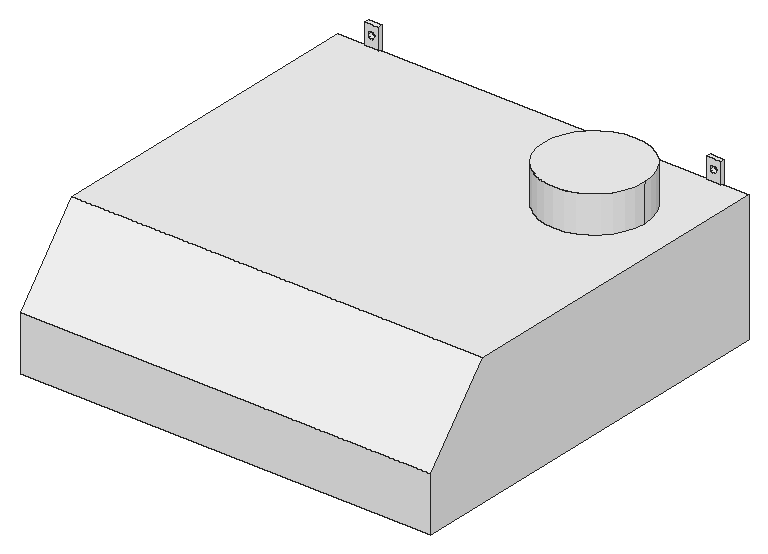
Revit family "v-36_375k7_60Hz - コピー", category 機械設備, Revit 2019
Family settings
  丸型コネクタ寸法 = 直径を使用
  パーツ タイプ = 標準
  OmniClass 番号 = 23.75.35.17.27
  OmniClass タイトル = Centrifugal Fans
  作業面ベース = いいえ
  常に垂直 = はい
  ロード時にボイドで切り取り = いいえ
  共有 = いいえ
  部屋計算ポイント = いいえ
Parameters (values of type "V-36K6-BL")
  騒音レベル(dB(A)) = 45.5
  風量 = 515.0 m³/h
  電源種別 [instance] = ""
  電圧 = 100 V
  電動機出力 = 0 W
  電動機_種別 = ""
  集中コントローラ = ""
  運転質量 = 0.00 kg
  連動 [instance] = ""
  質量 = if(製品質量 > 運転質量, 製品質量, 運転質量) * 1.2  # 18.00 kg
  負荷分類 = 3_ファン類
  説明 = "レンジフードファン 浅形 高静圧・丸排気タイプ"
  設計風量 = 0.0 m³/h
  設置方法 = "天吊"
  記号 [instance] = ""
  製造元 = "三菱電機株式会社"
  製品質量 = 15.00 kg
  製品出荷対象 = "国内"
  製品リリース年月 = "2022年6月1日"
  製品グループ = ""
  系統 [instance] = ""
  符号 = if(☑給気／□排気, "FS", "FE")  # "FE"
  積算_科目 = "2 換気設備"
  積算_拾い区分 [instance] = ""
  相 = 1
  盤記号 [instance] = ""
  発停方法 [instance] = ""
  特殊仕様 [instance] = ""
  火災停止 [instance] = ""
  消費電力 = 125 W
  法定耐用年数 = "15"
  機外静圧_排気 = 210.0 Pa
  機外静圧 = 0.0 Pa
  極数 = 2
  材質 [instance] = ""
  操作・制御方式 = ""
  操作・制御スイッチ = ""
  排気量 = 0.0 m³/h
  形式 = "片吸込形"
  幹線記号 [instance] = ""
  対象室 [instance] = ""
  実風量 = 0.0 m³/h
  始動方式 [instance] = "直入"
  天吊用穴_D = 300 mm
  天吊用穴_ピッチ = 520 mm
  外気量 = 0.0 m³/h
  呼称 = "遠心送風機"
  周波数 = 60 Hz
  取付金具_穴位置 = 16 mm
  取付金具_径 = 10 mm
  取付金具_ピッチ = 500 mm
  取付金具_H = 30 mm
  取付金具_Depth = 6 mm
  参照している仕様書等のバージョン = ""
  分類コード = "50052503100060"
  分類グループ = ""
  価格 = 87500
  企業コード = "108420"
  付属品_フィルター_還気 = ""
  付属品_フィルター = ""
  付属品 [instance] = ""
  仕様書バージョン = "Version1.0"
  モデル = "V-36K6-BL"
  マテリアル = 鋼板(白)
  ファンの種類 = ""
  ダクト径 = 150 mm
  コメント [instance] = ""
  Keynote = ""
  Assembly Code = ""
  ☑給気／□排気 = no
  Width = 600 mm
  W1 = Width / 2  # 300 mm
  Version = ""
  Uniclass2015Version = "Systems v1.9"
  Uniclass2015Title = "Centrifugal fans"
  Uniclass2015Code = "Pr_65_67_29_12"
  URL = "https://www.mitsubishielectric.co.jp/ldg/wink/ssl/displayProduct.do?pid=320844"
  SpecificationReference = ""
  SpecificationDescription = ""
  Revision = ""
  ProductInformation = ""
  OmniClassCode = "23-33 31 19 13 15"
  MIN風量 = 185.0 m³/h
  MIN静圧 = 0.0 Pa
  MID風量 = 300.0 m³/h
  MID静圧 = 0.0 Pa
  MAX風量 = 515.0 m³/h
  MAX静圧 = 0.0 Pa
  IfcTypeProduct = ""
  IfcProduct = ""
  IfcExportType = "CENTRIFUGALFORWARDCURVED"
  IfcExportAs = "IfcFanType"
  Height = 190 mm
  H1 = 110 mm
  EAサイズ_D = 148 mm
  Duct_Pitch = 350 mm
  Duct_Height = 54 mm
  Duct_D = 125 mm
  Depth = 580 mm
  D1 = 95 mm
  Clearance Top = 0 mm
  Clearance Right = 0 mm
  Clearance Left = 0 mm
  Clearance Front = 0 mm
  Clearance Bottom = 0 mm
  Clearance Back = 0 mm
  Author = "三菱電機株式会社"
Types (4, lengths in mm): name | 質量 | 製品質量 | 消費電力 | 価格 | モデル | マテリアル | Width | W1 | URL
  V-36K6-BL | 18.00 kg | 15.00 kg | 125 W | 87500 | "V-36K6-BL" | 鋼板(白) | 600 | 300 | "https://www.mitsubishielectric.co.jp/ldg/wink/ssl/displayProduct.do?pid=320844"
  V-36K6-BL-BK | 18.00 kg | 15.00 kg | 125 W | 87500 | "V-36K6-BL-BK" | 鋼板(黒) | 600 | 300 | "https://www.mitsubishielectric.co.jp/ldg/wink/ssl/displayProduct.do?pid=320845"
  V-37KCP6 | 19.20 kg | 16.00 kg | 115 W | 97400 | "V-37KCP6" | 鋼板(白) | 700 | 350 | "https://www.mitsubishielectric.co.jp/ldg/wink/ssl/displayProduct.do?pid=320850"
  V-37KCP6-BK | 19.20 kg | 16.00 kg | 115 W | 97400 | "V-37KCP6-BK" | 鋼板(黒) | 700 | 350 | "https://www.mitsubishielectric.co.jp/ldg/wink/ssl/displayProduct.do?pid=320851"
Reference planes
  plane 1 "中心(正面/背面)": y = 0
  plane 2: z = 0
  plane 3 "中心(左/右)": x = 0
  plane 4: x = -300
  plane 5: x = 300
  plane 6: y = -580
  plane 7: z = -190
  plane 8: z = -110
  plane 9: z = 54
  plane 10: y = -290
  plane 11: y = -485
  plane 12: x = -175
  plane 13: x = 175
  plane 14: y = -125
  plane 15: x = -260
  plane 16: x = 260
  plane 17: y = -300
  plane 18: x = -150
  plane 19: x = 150
  plane 20: z = 30
  plane 21: z = 16
  plane 22: x = -250
  plane 23: x = -260
  plane 24: x = -240
  plane 25: x = 250
  plane 26: x = 260
  plane 27: x = 240
  plane 28: y = 6
Forms (mm)
  Extrusion 1, solid, material "鋼板(白)" <- "マテリアル", detail levels fine
    sketch origin (0, 0, 0) x (1, 0, 0) y (0, 1, 0)
      loop
        line (-300, 0) -> (-300, -485) -> (300, -485) -> (300, 0) -> (-300, 0)
    from -190 to 0
  Blend 2, solid, material "鋼板(白)" <- "マテリアル", detail levels fine
    base sketch origin (0, 0, 0) x (1, 0, 0) y (0, 0, 1)
      loop
        line (-300, -190) -> (300, -190) -> (300, 0) -> (-300, 0) -> (-300, -190)
    top sketch origin (0, 0, 0) x (1, 0, 0) y (0, 0, 1)
      loop
        line (-300, -190) -> (300, -190) -> (300, -110) -> (-300, -110) -> (-300, -190)
    from 485 to 580
  Extrusion 3, solid, material "鋼板(白)" <- "マテリアル", detail levels fine
    sketch origin (0, 0, 0) x (1, 0, 0) y (0, 1, 0)
      loop
        circle (175, -125) r 74
    from 0 to 54
  Extrusion 4, solid, material "鋼板(白)" <- "マテリアル"
    sketch origin (0, 0, 0) x (1, 0, 0) y (0, 0, 1)
      loop
        line (-260, 30) -> (-260, -190) -> (-240, -190) -> (-240, 30) -> (-260, 30)
      loop
        line (240, 30) -> (240, -190) -> (260, -190) -> (260, 30) -> (240, 30)
      loop
        circle (250, 16) r 5
      loop
        circle (-250, 16) r 5
    from -6 to 0
Cuts and joins
  joined: Extrusion 1, Blend 2
Lines and regions (mm)
  Masking region 1, detail levels coarse+medium
    outline origin (1326.5, 29, 0) x (1, 0, 0) y (0, 1, 0)
      loop
        line (-1626.5, -29) -> (-1626.5, -609) -> (-1026.5, -609) -> (-1026.5, -29) -> (-1626.5, -29)
  symbolic lines, detail levels coarse+medium
    curve 1: circle (-150, -290, 0) r 150 normal (0, 0, 1)
    curve 2: circle (150, -290, 0) r 150 normal (0, 0, 1)
Dimensions and locks
  equal spacing: plane 4, plane 3 "中心(左/右)", plane 5
  "Width": plane 4 to plane 5
  equal spacing: plane 6, plane 10, plane 1 "中心(正面/背面)"
  "Depth": plane 1 "中心(正面/背面)" to plane 6
  equal spacing: plane 12, plane 3 "中心(左/右)", plane 13
  "Duct_Pitch": plane 12 to plane 13
  "Duct_D": plane 1 "中心(正面/背面)" to plane 14
  "Height": level to plane 7
  "Duct_Height": plane 9 to level
  equal spacing: plane 15, plane 3 "中心(左/右)", plane 16
  "天吊用穴_ピッチ": plane 15 to plane 16
  "天吊用穴_D": plane 1 "中心(正面/背面)" to plane 17
  equal spacing: plane 4, plane 18, plane 3 "中心(左/右)"
  equal spacing: plane 3 "中心(左/右)", plane 19, plane 5
  "D1": plane 11 to plane 6
  "H1": level to plane 8
  "取付金具_H": plane 20 to level
  "取付金具_穴位置": plane 21 to level
  equal spacing: plane 24, plane 22, plane 23
  locked: plane 24 to plane 23 at 20
  equal spacing: plane 27, plane 25, plane 26
  locked: plane 27 to plane 26 at 20
  equal spacing: plane 25, plane 3 "中心(左/右)", plane 22
  "取付金具_ピッチ": plane 25 to plane 22
  "取付金具_Depth": plane 28 to plane 1 "中心(正面/背面)"
  "EAサイズ_D": diameter of Extrusion 3 sketch curve
  "W1": diameter of curve 1
  "W1": diameter of curve 2
  "取付金具_径": diameter of Extrusion 4 sketch curve  (x2)
  aligned and locked: level to plane 2
  aligned and locked: Masking region 1 to plane 4
  aligned and locked: plane 5 to Masking region 1
  aligned and locked: Masking region 1 to plane 6
  aligned and locked: Masking region 1 to plane 1 "中心(正面/背面)"
  aligned and locked: plane 1 "中心(正面/背面)" to Extrusion 1 sketch curve
  aligned and locked: plane 4 to Extrusion 1 sketch curve
  aligned and locked: plane 11 to Extrusion 1 sketch curve
  aligned and locked: Extrusion 1 sketch curve to plane 5
  aligned and locked: Blend 2 sketch curve to plane 7  (x2)
  aligned and locked: level to Blend 2 sketch curve
  aligned and locked: plane 5 to Blend 2 sketch curve
  aligned and locked: Blend 2 sketch curve to plane 4
  aligned and locked: var sketch to Blend 2 sketch curve
  aligned and locked: Extrusion 1 to plane 7
  aligned and locked: level to Extrusion 1
  aligned and locked: Blend 2 to plane 6
  aligned and locked: plane 11 to Blend 2
  aligned and locked: plane 9 to Extrusion 3
  aligned and locked: Extrusion 3 to level
  aligned and locked: plane 8 to Blend 2 sketch curve
  aligned and locked: nested 1 to plane 17
  aligned and locked: plane 15 to nested 1
  aligned and locked: plane 16 to nested 1
  aligned and locked: Extrusion 4 sketch curve to plane 20  (x2)
  aligned and locked: plane 23 to Extrusion 4 sketch curve
  aligned and locked: plane 24 to Extrusion 4 sketch curve
  aligned and locked: plane 7 to Extrusion 4 sketch curve  (x2)
  aligned and locked: plane 27 to Extrusion 4 sketch curve
  aligned and locked: plane 26 to Extrusion 4 sketch curve
  aligned and locked: plane 28 to Extrusion 4
  aligned and locked: plane 1 "中心(正面/背面)" to Extrusion 4
Automatic sketch dimensions
  Extrusion 3 sketch curve to plane 13 = 0 mm
  Extrusion 3 sketch curve to plane 14 = 0 mm
  curve 1 to plane 10 = 0 mm
  curve 1 to plane 18 = 0 mm
  curve 2 to plane 10 = 0 mm
  curve 2 to plane 19 = 0 mm
  Masking region 1 sketch curve to plane 4 = 0 mm
  Masking region 1 sketch curve to plane 5 = 0 mm
  Masking region 1 sketch curve to plane 6 = 0 mm
  plane 1 "中心(正面/背面)" to Masking region 1 sketch curve = 0 mm
  Blend 2 sketch curve to plane 4 = 0 mm
  Extrusion 4 sketch curve to plane 21 = 0 mm  (x2)
  Extrusion 4 sketch curve to plane 22 = 0 mm
  plane 25 to Extrusion 4 sketch curve = 0 mm
Nested families
  nested 1: "固定点" at (-260, -300, 0), type "固定点"
    with W 520 mm, D 1000 mm
Connectors
  hvac at (175, -125, 54), driven by "ダクト径", driven by "機外静圧", driven by "風量"
    settings: on Extrusion 3, index 1, duct flow 515.0 m³/h, flow factor 0, pres drop 0.0 Pa, loss coef 0, conn angle 0.00°, conn width 304.8 mm, conn height 304.8 mm, conn diameter 150 mm, duct sys type 3, conn prof type 0, flow config 0, flow direction 2, loss method 4, conn ref index -1, conn util no, is conn primary yes, conn desc ""
  electrical at (0, -242.5, 0), driven by "極数", driven by "負荷分類", driven by "電圧", driven by "消費電力"
    settings: on cut or joined group of Extrusion 1, Blend 2, index 3, voltage 100 V, apparent load 125 VA, apparent load phase1 0 VA, apparent load phase2 0 VA, apparent load phase3 0 VA, power factor 1, load classification "3_ファン類", number of poles 2, system type 30, power factor state 1, is connector primary yes, connector utility no, sub classification motor no, connector description ""
Definition of nested family "固定点"
  Parameters (values of type "固定点")
    中心円 = 20 mm
    W [instance] = 1000 mm
    D [instance] = 1000 mm
  Reference planes
    plane 1 "中心(正面/背面)": y = 0
    plane 2: z = 0
    plane 3 "中心(左/右)": x = 0
    plane 4: x = 1000
  Lines and regions (mm)
    symbolic lines, detail levels fine
      curve 1: circle (0, 0, 0) r 10 normal (0, 0, 1)
      curve 2: circle (1000, 0, 0) r 10 normal (0, 0, 1)
      curve 3: line (-200, 0, 0) -> (1200, 0, 0)
      curve 4: line (0, 200, 0) -> (0, -200, 0)
      curve 5: line (1000, 200, 0) -> (1000, -200, 0)
  Dimensions and locks
    "W": plane 3 "中心(左/右)" to plane 4
    "中心円": diameter of curve 1
    "中心円": diameter of curve 2
    aligned and locked: level to plane 2
    aligned and locked: plane 3 "中心(左/右)" to curve 1
    aligned and locked: plane 1 "中心(正面/背面)" to curve 1
    aligned and locked: plane 1 "中心(正面/背面)" to curve 2
    aligned and locked: plane 4 to curve 2
    aligned and locked: plane 1 "中心(正面/背面)" to curve 3
    aligned and locked: curve 4 to plane 3 "中心(左/右)"
    aligned and locked: curve 5 to plane 4
  Automatic sketch dimensions
    curve 3 to plane 3 "中心(左/右)" = 200 mm
    curve 2 to curve 3 = 200 mm
    plane 1 "中心(正面/背面)" to curve 4 = 200 mm
    plane 1 "中心(正面/背面)" to curve 5 = 200 mm
    curve 5 to plane 1 "中心(正面/背面)" = 200 mm
    curve 4 to plane 1 "中心(正面/背面)" = 200 mm
